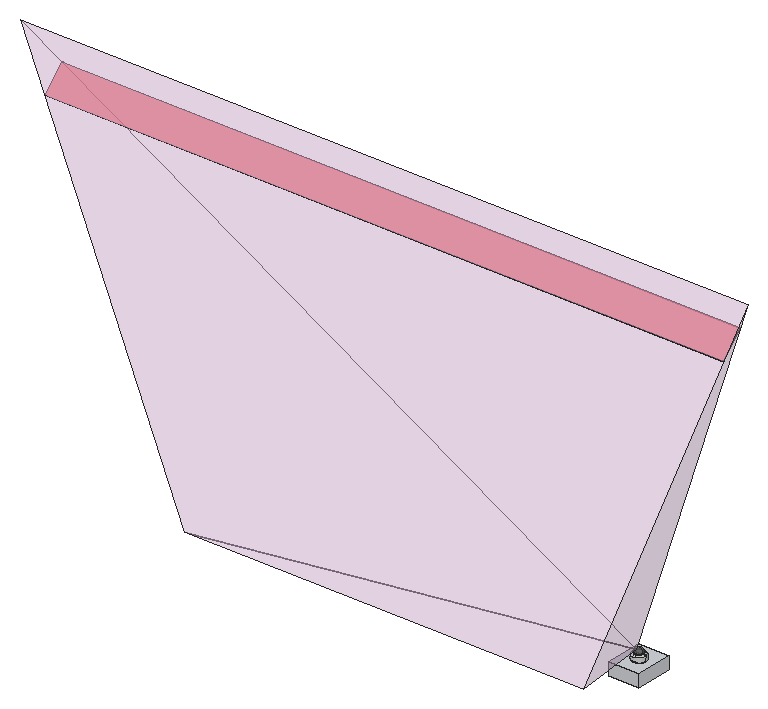
Revit family "Camera-Security-iPRO-2MP-Indoor-Dome-Network-Camera-WV-S2136LGA", category Security Devices, host Face, Revit 2020
Family settings
  Host = Face
  Maintain Annotation Orientation = No
  Round Connector Dimension = Use Diameter
  Part Type = Normal
  OmniClass Number = 23.85.10.14.11
  OmniClass Title = Cameras
  Cut with Voids When Loaded = No
  Shared = No
  Room Calculation Point = No
Parameters (values of type "WV-S2136LGA")
  z Zero = 0.000"  # constant formula
  z Yaw Actual [instance] = if(and(On Wall, not(On Ceiling)), Yaw Actual, Yaw Actual + 180.00°)  # 0.00°
  z VV Viewpoint Depth [instance] = (z VV Viewpoint Depth Max - z VV Viewpoint Depth Min) * z HFOV Ratio + z VV Viewpoint Depth Min  # 1.28346"
  z VV Viewpoint Depth Min = 1.28346"  # constant formula
  z VV Viewpoint Depth Max = 1.28346"  # constant formula
  z VV Origin Height Offset = 0.30315"  # constant formula
  z VV Origin Height [instance] = if(Has Ceiling Mount, 2.11811" + z VV Origin Height Offset - 2.00787", 2.11811" + z VV Origin Height Offset)  # 2.42126"
  z VV Face Radius = 4.62598"
  z Type = 2
  z Tilt Actual [instance] = Tilt Actual  # 45.00°
  z Pan Actual Safe [instance] = if(Pan Actual = -180.00°, 180.00°, Pan Actual)  # 0.00°
  z Pan Actual [instance] = Pan Actual  # 0.00°
  z Height [instance] = if(Has Ceiling Mount, 5.98425", 3.97638")  # 3.97638"
  z HFOV Ratio [instance] = (Horizontal FOV Actual - Horizontal FOV Min) / (Horizontal FOV Max - Horizontal FOV Min)  # 0.3038
  z Dome Radius [instance] = 1.5748"  # constant formula
  z Dome Height Offset [instance] = if(Has Ceiling Mount, 0.19685", z Base Height + 0.28346")  # 2.40157"
  z Const Yaw Handle Length = 9.25197"  # constant formula
  z Const Yaw Base2 Length = 17.32283"  # constant formula
  z Const Yaw Base Length = 10.23622"  # constant formula
  z Const Tilt Handle Length = 11.81102"  # constant formula
  z Const Tilt Base2 Length = 19.68504"  # constant formula
  z Const Tilt Base Length = 9.84252"  # constant formula
  z Const Pan Handle Length = 19.48819"  # constant formula
  z Camera Type = 21361
  z Base is Visible [instance] = not(Has Ceiling Mount)  # yes
  z Base Radius = (Diameter / 2)  # 2.54921"
  z Base Height = 2.11811"  # constant formula
  Yawing Range = "-100 to +100"  # constant formula
  Yaw Min = -100.00°  # constant formula
  Yaw Max = 100.00°  # constant formula
  Yaw Desired [instance] = 0.00°
  Yaw Actual [instance] = if(Yaw Desired > Yaw Max, Yaw Max, if(Yaw Desired < Yaw Min, Yaw Min, Yaw Desired))  # 0.00°
  Wide Dynamic Range = (1 = 1)  # yes
  Weight = 1.04 lbf  # constant formula
  Voltage [instance] = if(Power Supply Type is PoE, 48 V, 12 V)  # 48 V
  Vandal Resistant = (1 = 0)  # no
  VFOV Min 43 = 20.00°  # constant formula
  VFOV Min 169 = 20.00°  # constant formula
  Vertical FOV Min [instance] = if(and(Aspect Ratio 4_3, not(Aspect Ratio 16_9)), VFOV Min 43, VFOV Min 169)  # 20.00°
  VFOV Max 43 = 61.00°  # constant formula
  VFOV Max 169 = 61.00°  # constant formula
  Vertical FOV Max [instance] = if(and(Aspect Ratio 4_3, not(Aspect Ratio 16_9)), VFOV Max 43, VFOV Max 169)  # 61.00°
  Vertical FOV Actual [instance] = z HFOV Ratio * (Vertical FOV Max - Vertical FOV Min) + Vertical FOV Min  # 32.4557°
  URL = "https://i-pro.com/products_and_solutions/en/surveillance"
  Tilting Range = "-30 to +85"  # constant formula
  Tilt Min = -30.00°  # constant formula
  Tilt Max = 85.00°  # constant formula
  Tilt Actual [instance] = if(Tilt Desired > Tilt Max, Tilt Max, if(Tilt Desired < Tilt Min, Tilt Min, Tilt Desired))  # 45.00°
  Tilt Desired [instance] = 45.00°
  Storage Temperature = Operational Temperature  # "-10 °C to +50 °C (14 °F to 122 °F)"
  Show View Volume [instance] = yes
  4_3_2048x1536 [instance] = no
  4_3_1280x960 [instance] = no
  16_9_HD [instance] = no
  16_9_FHD [instance] = yes
  Regulatory Compliance = "UL (UL60950-1), c-UL (CSA C22.2 No.60950-1), CE, IEC60950-1, FCC (Part15 ClassA), ICES003 ClassA, EN55032 ClassB, EN55035"  # constant formula
  Provide Feedback = "https://i-pro.com/products_and_solutions/en/surveillance/contact-us"
  Product Page URL = "https://i-pro.com/products_and_solutions/en/surveillance/products/wv-s2136lga"
  Product Material = Paint -i-Pro White
  Product Documentation Link = "https://i-pro.com/products_and_solutions/en/surveillance/products/wv-s2136lga"
  Power Supply Type is PoE [instance] = yes
  Power Supply Type [instance] = if(Power Supply Type is PoE, "PoE", "DC")  # "PoE"
  Power Active [instance] = if(and(z Camera Type = 21361, Power Supply Type is PoE), 8.7 W, if(and(z Camera Type = 21361, not(Power Supply Type is PoE)), 8.6 W, if(and(z Camera Type = 21362, Power Supply Type is PoE), 8.7 W, if(and(z Camera Type = 21362, not(Power Supply Type is PoE)), 8.6 W, 0.0 W))))  # 8.7 W
  Part Number = Model  # "WV-S2136LGA"
  Part Description = Description  # "Security Camera, 2MP, Indoor, Dome, Network Camera, WV-S2136LGA"
  Panning Range = "-240 to +120"  # constant formula
  Pan Min = -240.00°  # constant formula
  Pan Max = 120.00°  # constant formula
  Pan Desired [instance] = 0.00°
  Pan Actual [instance] = if(Pan Desired > Pan Max, Pan Max, if(Pan Desired < Pan Min, Pan Min, Pan Desired))  # 0.00°
  PPM Desired [instance] = 300
  PPM Actual [instance] = if(PPM Desired > 1, PPM Desired, 1)  # 300
  Original Creation Date = "2023/02/01"  # constant formula
  Operational Temperature = "-10 °C to +50 °C (14 °F to 122 °F)"  # constant formula
  Operational Humidity = "10 to 90 % (no condensation)"  # constant formula
  On Wall [instance] = not(On Ceiling)  # yes
  On Ceiling [instance] = no
  Mounting Positions = "Surface Mount or Mount Dependent"  # constant formula
  Model Disclaimer = "Contact i-PRO for more information"  # constant formula
  Model = "WV-S2136LGA"
  Minimum Illumination = 0.018 lx  # constant formula
  Manufacturer = "i-PRO Co., Ltd."  # constant formula
  Indoor Or Outdoor = "Indoor"  # constant formula
  IP Or Analog = "IP"  # constant formula
  Horizontal Resolution [instance] = if(and(Aspect Ratio 4_3, not(Aspect Ratio 16_9)), Horizontal Resolution 43, Horizontal Resolution 169)  # 1920
  Horizontal Resolution 43 [instance] = if(and([4_3_2048x1536], not([4_3_1280x960])), 2048, if(and(not([4_3_2048x1536]), [4_3_1280x960]), 1280, 2048))  # 2048
  Horizontal Resolution 169 [instance] = if(and([16_9_FHD], not([16_9_HD])), 1920, if(and(not([16_9_FHD]), [16_9_HD]), 1280, 1920))  # 1920
  Height = 3.97638"  # constant formula
  Has Ceiling Mount [instance] = and(On Ceiling)  # no
  HFOV Min 43 = 28.00°  # constant formula
  HFOV Min 169 = 36.00°  # constant formula
  Horizontal FOV Min [instance] = if(and(Aspect Ratio 4_3, not(Aspect Ratio 16_9)), HFOV Min 43, HFOV Min 169)  # 36.00°
  HFOV Max 43 = 82.00°  # constant formula
  HFOV Max 169 = 115.00°  # constant formula
  Horizontal FOV Max [instance] = if(and(Aspect Ratio 4_3, not(Aspect Ratio 16_9)), HFOV Max 43, HFOV Max 169)  # 115.00°
  Horizontal FOV Actual [instance] = if(Horizontal FOV Desired > Horizontal FOV Max, Horizontal FOV Max, if(Horizontal FOV Desired < Horizontal FOV Min, Horizontal FOV Min, Horizontal FOV Desired))  # 60.00°
  Family Version = "1.0.0"  # constant formula
  Horizontal FOV Desired [instance] = 60.00°
  Equipment Number [instance] = ""
  Equipment Abbreviation = "SC"  # constant formula
  Dome Part Number [instance] = "WV-CF5SA"  # constant formula
  Distance to Screen [instance] = 393.70079"
  Distance to PPM Target [instance] = if(PPM Actual = 0, 0.000", 39.37008" * Horizontal Resolution / (PPM Actual * 2 * tan(Horizontal FOV Actual / 2)))  # 218.21113"
  Distance to Floor [instance] = 118.11024"
  Distance to Ceiling [instance] = 0.000"
  Diameter = 5.09843"  # constant formula
  Description = "Security Camera, 2MP, Indoor, Dome, Network Camera, WV-S2136LGA"
  Default Elevation = 0.000"
  Day Or Night = "Yes"  # constant formula
  Date Last Modified = "2023/06/14"  # constant formula
  Copyright = "© i-PRO Co., Ltd."  # constant formula
  Communication Ports = "10Base-T / 100Base-TX, RJ45 connector"  # constant formula
  Audio Out = "ø3.5 mm stereo mini jack (monaural output)"  # constant formula
  Audio In = "ø3.5 mm stereo mini jack"  # constant formula
  Angle Of View = "115"  # constant formula
  Alarm Input Or Output Specification = "ALARM IN 1 (Black & white input, Auto time adjustment input) (x1), ALARM IN 2 (ALARM OUT) (x1), ALARM IN 3 (AUX OUT) (x1)"  # constant formula
  Accessory Part Number [instance] = if(Has Ceiling Mount, "WV-QEM100-W", "Select a Mounting Option")  # "Select a Mounting Option"
  Aspect Ratio 4_3 [instance] = not(Aspect Ratio 16_9)  # no
  Aspect Ratio 16_9 [instance] = yes
Reference planes (in)
  plane 1 "Center (Front/Back)": y = 0
  plane 2: z = 0
  plane 3 "Center (Left/Right)": x = 0
  plane 4: z = 0
  plane 5: x = -2.54921
  plane 6: x = -1.5748
  plane 7: z = 2.40157
  plane 8: z = 1.65354
  plane 9: z = 3.97638
  plane 10 "BP": z = 2.42126
  plane 11: z = 2.15748
  plane 12: z = 0.07874
  plane 13: z = 0
  plane 14: z = 3.97638
  plane 15: x = -1.92749
  plane 16: x = -2.44094
Forms (in)
  Extrusion 1, solid
    sketch origin (0, 0, 0) x (1, 0, 0) y (0, 1, 0)
      loop
        line (-5.65138, 6.85016) -> (-5.65138, -7.02141) -> (5.68581, -7.02141) -> (5.68581, 6.85016) -> (-5.65138, 6.85016)
    from 0 to -4.63827
  Revolve 2, solid, material "Paint -i-Pro White" <- "Product Material", visible <- "z Base is Visible"
    sketch origin (0, 0, 0) x (1, 0, 0) y (0, 0, 1)
      loop
        line (0, 0) -> (0, 2.15748) -> (-1.92749, 2.15748) -> (-2.44094, 1.65354) -> (-2.54701, 0.16785) -> (-2.45791, 0.07874) -> (-2.30134, 0.07874) -> (-2.2226, 0) -> (0, 0)
      axis (0, 2.15748) -> (0, 0)
    angle from 0 to 360
  Revolve 3, solid, material "Glass - Panasonic - Smoked"
    sketch origin (0, 0, 0) x (1, 0, 0) y (0, 0, 1)
      loop
        arc (0, 3.97638) -> (-1.11355, 3.51513) -> (-1.5748, 2.40157) r 1.5748
        line (-1.5748, 2.40157) -> (-1.5748, 2.15748) -> (0, 2.15748) -> (0, 3.97638)
      axis (0, 3.97638) -> (0, 2.15748)
    angle from 0 to 360
  Extrusion 4, void
    sketch origin (-4.56493, -180, 2.15748) x (0, -1, 0) y (-1, 0, 0)
      loop
        line (-180.19685, -6.59539) -> (-180.19685, -6.83161)
        arc (-180.19685, -6.83161) -> (-180.17379, -6.88729) -> (-180.11811, -6.91035) r 0.07874
        line (-180.11811, -6.91035) -> (-179.88189, -6.91035)
        arc (-179.88189, -6.91035) -> (-179.82621, -6.88729) -> (-179.80315, -6.83161) r 0.07874
        line (-179.80315, -6.83161) -> (-179.80315, -6.59539)
        arc (-179.80315, -6.59539) -> (-179.82621, -6.53971) -> (-179.88189, -6.51665) r 0.07874
        line (-179.88189, -6.51665) -> (-180.11811, -6.51665)
        arc (-180.11811, -6.51665) -> (-180.17379, -6.53971) -> (-180.19685, -6.59539) r 0.07874
      loop
        arc (-180.19685, -2.53448) -> (-180.17379, -2.59015) -> (-180.11811, -2.61322) r 0.07874
        line (-180.11811, -2.61322) -> (-179.88189, -2.61322)
        arc (-179.88189, -2.61322) -> (-179.82621, -2.59015) -> (-179.80315, -2.53448) r 0.07874
        line (-179.80315, -2.53448) -> (-179.80315, -2.29826)
        arc (-179.80315, -2.29826) -> (-179.82621, -2.24258) -> (-179.88189, -2.21952) r 0.07874
        line (-179.88189, -2.21952) -> (-180.11811, -2.21952)
        arc (-180.11811, -2.21952) -> (-180.17379, -2.24258) -> (-180.19685, -2.29826) r 0.07874
        line (-180.19685, -2.29826) -> (-180.19685, -2.53448)
    from 0 to 0.7874
Cuts and joins
  Extrusion 4 cuts Revolve 2
Lines and regions (in)
  reference lines
    curve 1: line (0, 0, 2.42154) -> (0, -9.84252, 2.42154)
    curve 2: line (0, 0, 2.42126) -> (8.07327, -8.07327, 2.42126)
Dimensions and locks (in)
  "z Base Radius": plane 3 "Center (Left/Right)" to plane 5
  locked: plane 7 to plane 8 at 0.74803
  "z Dome Radius": plane 3 "Center (Left/Right)" to plane 6
  plane 12 to level = 0.07874"
  Revolve 2 sketch curve to Revolve 2 sketch curve = 0.07874"
  "Height": plane 14 to plane 13
  plane 14 to plane 7 = 1.5748"
  locked: plane 14 to plane 11 at 1.8189
  locked: plane 14 to plane 8 at 2.32283
  locked: plane 3 "Center (Left/Right)" to plane 15 at 1.92749
  locked: plane 3 "Center (Left/Right)" to plane 16 at 2.44094
  "z Height": plane 9 to plane 13
  "z VV Origin Height": plane 10 "BP" to level
  radius of Revolve 3 sketch curve = 1.5748"
  angle curve 1 to plane 1 "Center (Front/Back)" = 90.00°
  "z Pan Actual Safe": angle plane 3 "Center (Left/Right)" to curve 1
  "z Tilt Actual": angle curve 2 to plane 1 "Center (Front/Back)"
  aligned and locked: plane 2 to Extrusion 1
  aligned and locked: level to Extrusion 1
  aligned and locked: Revolve 2 sketch curve to plane 3 "Center (Left/Right)"
  aligned and locked: plane 1 "Center (Front/Back)" to curve 1
  aligned and locked: plane 3 "Center (Left/Right)" to curve 1
  aligned and locked: plane 3 "Center (Left/Right)" to nested 1
  aligned and locked: plane 3 "Center (Left/Right)" to curve 2
  aligned and locked: plane 1 "Center (Front/Back)" to curve 2
  aligned and locked: Revolve 2 sketch curve to plane 11
  aligned and locked: plane 13 to Revolve 2 sketch curve
  aligned and locked: plane 15 to Revolve 2 sketch curve
  aligned and locked: plane 8 to Revolve 2 sketch curve
  aligned and locked: plane 10 "BP" to nested 2
  aligned and locked: nested 2 to plane 3 "Center (Left/Right)"
  aligned and locked: nested 2 to plane 1 "Center (Front/Back)"
Automatic sketch dimensions
  Extrusion 1 sketch curve to Extrusion 1 sketch curve = 11.33719"
  Extrusion 1 sketch curve to Extrusion 1 sketch curve = 13.87157"
  Revolve 3 sketch curve to plane 3 "Center (Left/Right)" = 0.000"  (x2)
  Revolve 3 sketch curve to plane 11 = 0.000"
  Revolve 3 sketch curve to plane 7 = 0.000"
  Revolve 3 sketch curve to Revolve 3 sketch curve = 0.82961"
  Revolve 3 sketch curve to Revolve 3 sketch curve = 0.250"
  Revolve 2 sketch curve to plane 16 = 0.000"
  Revolve 2 sketch curve to plane 3 "Center (Left/Right)" = 0.000"
  Revolve 2 sketch curve to plane 16 = 0.01696"
  Revolve 2 sketch curve to plane 5 = 0.0022"
  plane 16 to Revolve 2 sketch curve = 0.13961"
  Revolve 2 sketch curve to Revolve 2 sketch curve = 0.07874"
  Revolve 2 sketch curve to Revolve 2 sketch curve = 0.08911"
  plane 8 to Revolve 2 sketch curve = 0.11875"
  Revolve 2 sketch curve to plane 10 "BP" = 0.23031"
  Extrusion 4 sketch curve to plane 1 "Center (Front/Back)" = 0.19685"  (x2)
  Extrusion 4 sketch curve to Extrusion 4 sketch curve = 0.07874"  (x6)
  Extrusion 4 sketch curve to plane 15 = 0.02423"
  plane 1 "Center (Front/Back)" to Extrusion 4 sketch curve = 0.11811"  (x4)
  plane 16 to Extrusion 4 sketch curve = 0.17427"
  plane 3 "Center (Left/Right)" to Extrusion 4 sketch curve = 1.95172"
  Extrusion 4 sketch curve to Extrusion 4 sketch curve = 0.23622"
Nested families (in)
  nested 1: "Ceiling-Bracket-WV-QEM100-W" at (0, 0, 0), Product Material <- "Product Material", Has Ceiling Mount <- "Has Ceiling Mount", type "Ceiling-Bracket-WV-QEM100-W"
    with z Bracket Radius 3.66142", Product Material Paint -i-Pro White, Has Ceiling Mount no, Dome Radius 3.77953"
  nested 2: "Camera-Security-ViewVolumePTYZ" at (0, 0, 2.42126), Viewpoint Depth <- "z VV Viewpoint Depth", Base Height Offset <- "z VV Origin Height", Pan <- "z Pan Actual", Tilt <- "z Tilt Actual", Yaw <- "z Yaw Actual", HFOV <- "Horizontal FOV Actual", VFOV <- "Vertical FOV Actual", On Wall <- "On Wall", On Ceiling <- "On Ceiling", Screen Depth <- "Distance to Screen", Floor Distance <- "Distance to Floor", Ceiling Distance <- "Distance to Ceiling", Target Depth <- "Distance to PPM Target", visible <- "Show View Volume", type "Camera-Security-ViewVolumePTYZ"
    with z Yaw Actual 0.00°, z Void Width 1249.41753", z Void Thickness 397.40551", z Void Height Start -624.70877", z Void Height End 624.70877", z Void Direction 1, z Void Angle 90.00°, z Viewpoint Depth 1.28346", z Tilt Actual 45.00°, z Target Width 251.9685", z Target Visible yes, z Target Height 127.02244", z Target Depth 219.49459", z Screen Width 454.60651", z Screen Height 229.17638", z Screen Depth 394.98425", z Pan Actual 0.00°, z Floor Distance 118.11024", z Ceiling Distance 0.000", Yaw 0.00°, Viewpoint Origin Horizontal Offset 0.000", Viewpoint Depth 1.28346", VFOV 32.4557°, Tilt 45.00°, Target Depth 218.21113", Screen Depth 393.70079", Pan 0.00°, On Wall yes, On Floor no, On Default Mount Type 0, On Ceiling no, HFOV 60.00°, Floor Distance 118.11024", Ceiling Distance 0.000", Base Height Offset 2.42126", Base Angle Offset 0.00°
Connectors (in)
  electrical at (0, 0, 0), driven by "Power Active", driven by "Voltage"
    settings: on Revolve 2, index 1, voltage 48 V, apparent load 8.7 W, apparent load phase1 0.0 W, apparent load phase2 0.0 W, apparent load phase3 0.0 W, power factor 1, load classification "Other", number of poles 1, system type 30, power factor state 1, is connector primary yes, connector utility no, sub classification motor no, connector description "Electrical Connection"
  electrical at (0, 0, 0)
    settings: on Revolve 2, index 2, voltage 0 V, apparent load 0.0 W, apparent load phase1 0.0 W, apparent load phase2 0.0 W, apparent load phase3 0.0 W, power factor 1, load classification "Other", number of poles 1, system type 5, power factor state 1, is connector primary no, connector utility no, sub classification motor no, connector description "Data Connection"
Definition of nested family "Camera-Security-ViewVolumePTYZ"
  Parameters (values of type "Camera-Security-ViewVolumePTYZ")
    z Yaw Actual [instance] = if(Yaw < 0.00°, 360.00° - (abs(Yaw) - rounddown(abs(Yaw) / 360.00°) * 360.00°), Yaw - rounddown(Yaw / 360.00°) * 360.00°)  # 0.00°
    z Void Width [instance] = if(z Screen Width > z Screen Height, z Screen Width, z Screen Height) + abs(Viewpoint Origin Horizontal Offset) + z Void Thickness * 2  # 1265.63013"
    z Void Thickness [instance] = z Screen Depth + abs(Base Height Offset)  # 405.51181"
    z Void Height Start [instance] = -z Void Width / 2  # -632.81507"
    z Void Height End [instance] = z Void Width / 2  # 632.81507"
    z Void Direction [instance] = if((if(On Wall, 1, 0) + if(On Floor, 1, 0) + if(On Ceiling, 1, 0)) = 1, if(On Ceiling, 0, if(On Wall, 1, 2)), On Default Mount Type)  # 0
    z Viewpoint Depth [instance] = if(Viewpoint Depth < 0.03937", 0.03937", Viewpoint Depth)  # 5.90551"
    z Tilt Actual [instance] = if(Tilt < 0.00°, 360.00° - (abs(Tilt) - rounddown(abs(Tilt) / 360.00°) * 360.00°), Tilt - rounddown(Tilt / 360.00°) * 360.00°)  # 45.00°
    z Target Visible [instance] = not(Screen Depth < Target Depth)  # yes
    z Target Thickness Start = -z Target Thickness / 2  # -0.03937"
    z Target Thickness End = z Target Thickness / 2  # 0.03937"
    z Target Depth [instance] = Target Depth + Viewpoint Depth  # 84.64567"
    z Pan Actual [instance] = if(Pan < 0.00°, 360.00° - (abs(Pan) - rounddown(abs(Pan) / 360.00°) * 360.00°), Pan - rounddown(Pan / 360.00°) * 360.00°)  # 0.00°
    z Floor Distance [instance] = if(z Void Direction = 2, if(Floor Distance < 0.000", 0.000", Floor Distance), if(Floor Distance < 0.3937", 0.3937", Floor Distance))  # 118.11024"
    z Const Yaw Base2 Length = 17.32283"  # constant formula
    z Const Tilt Base2 Length = 19.68504"  # constant formula
    z Ceiling Distance [instance] = if(z Void Direction = 2, if(Ceiling Distance < 0.3937", 0.3937", Ceiling Distance), if(Ceiling Distance < 0.000", 0.000", Ceiling Distance))  # 0.000"
    z Const Void Handle Length = 23.62205"  # constant formula
    z Void Angle [instance] = if(z Void Direction = 0, 0.00° + Base Angle Offset, if(z Void Direction = 1, 90.00° + Base Angle Offset, 180.00° + Base Angle Offset))  # 0.00°
    z Screen Depth [instance] = if(Screen Depth < 3.93701", 3.93701" + Viewpoint Depth, Screen Depth + Viewpoint Depth)  # 399.6063"
    Original Creation Date = "2023/02/01"  # constant formula
    On Default Mount Type [instance] = 0
    Manufacturer = "i-PRO Co., Ltd."  # constant formula
    Family Version = "1.0.0"  # constant formula
    Default Elevation = 48.000"
    Date Last Modified = "2023/06/02"  # constant formula
    Copyright = "© i-PRO Co., Ltd."  # constant formula
    Base Height Offset [instance] = 5.90551"
    Base Angle Offset [instance] = 0.00°
    z Viewpoint Width = 0.03937"  # constant formula
    z Viewpoint Height = 0.03937"  # constant formula
    VFOV [instance] = 33.75°
    z Target Width [instance] = Target Depth * tan(HFOV / 2) * 2  # 90.9213"
    z Target Thickness = 0.07874"  # constant formula
    z Target Height [instance] = Target Depth * tan(VFOV / 2) * 2  # 47.77113"
    Target Depth [instance] = 78.74016"
    z Screen Width [instance] = (z Screen Depth - Viewpoint Depth) * tan(HFOV / 2) * 2  # 454.60651"
    z Screen Height [instance] = (z Screen Depth - Viewpoint Depth) * tan(VFOV / 2) * 2  # 238.85566"
    Screen Depth [instance] = 393.70079"
    z Const Yaw Handle Length = 9.25197"  # constant formula
    z Const Yaw Base Length = 10.23622"  # constant formula
    Viewpoint Depth [instance] = 5.90551"
    Viewpoint Origin Horizontal Offset [instance] = 0.000"
    z Const Tilt Handle Length = 14.17323"  # constant formula
    z Const Tilt Base Length = 9.84252"  # constant formula
    z Const Pan Handle Length = 19.68504"  # constant formula
    z Const Pan Axis Length = 15.74803"  # constant formula
    On Wall [instance] = no
    On Floor [instance] = no
    On Ceiling [instance] = yes
    HFOV [instance] = 60.00°
    Yaw [instance] = 0.00°
    Tilt [instance] = 45.00°
    Pan [instance] = 0.00°
    Floor Distance [instance] = 118.11024"
    Ceiling Distance [instance] = 0.000"
  Reference planes (in)
    plane 1 "Center (Front/Back)": y = 0
    plane 2: z = 0
    plane 3 "Center (Left/Right)": x = 0
    plane 4 "VoidOffsetBase": z = -5.90551
  Forms (in)
    Extrusion 1, void
      sketch origin (0, 0, -5.90551) x (0, 0, 1) y (0, -1, 0)
        loop
          line (523.62205, 632.81507) -> (118.11024, 632.81507) -> (118.11024, -632.81507) -> (523.62205, -632.81507) -> (523.62205, 632.81507)
        loop
          line (0, 632.81507) -> (-405.51181, 632.81507) -> (-405.51181, -632.81507) -> (0, -632.81507) -> (0, 632.81507)
      from -632.81507 <- "z Void Height Start" to 632.81507 <- "z Void Height End"
    Blend 2, solid
      base sketch origin (0, -4.17583, 4.17583) x (0, 0.707107, 0.707107) y (-1, 0, 0)
        loop
          line (-0.01969, -0.01969) -> (0.01969, -0.01969) -> (0.01969, 0.01969) -> (-0.01969, 0.01969) -> (-0.01969, -0.01969)
      top sketch origin (0, -282.56432, 282.56432) x (0, 0.707107, 0.707107) y (-1, 0, 0)
        loop
          line (-119.42783, -227.30326) -> (119.42783, -227.30326) -> (119.42783, 227.30326) -> (-119.42783, 227.30326) -> (-119.42783, -227.30326)
      from 0 to 0
    Extrusion 3, solid, visible <- "z Target Visible"
      sketch origin (0, -59.85353, 59.85353) x (0, 0.707107, 0.707107) y (-1, 0, 0)
        loop
          line (-23.88557, -45.46065) -> (23.88557, -45.46065) -> (23.88557, 45.46065) -> (-23.88557, 45.46065) -> (-23.88557, -45.46065)
      from -0.03937 <- "z Target Thickness Start" to 0.03937 <- "z Target Thickness End"
  Cuts and joins
    Extrusion 1 cuts Blend 2
    Extrusion 1 cuts Extrusion 3
  Lines and regions (in)
    reference lines
      curve 1: line (0, 0, 0) -> (19.68504, 0, 0)
      curve 2: line (0, 0, -15.74803) -> (0, 0, 0)
      curve 3: line (0, 0, 0) -> (0, -9.84252, 0)
      curve 4: line (0, 0, 0) -> (0, 0, 19.68504)
      curve 5: line (0, -10.02199, 10.02199) -> (0, 0, 0)
      curve 6: line (0, 0, 0) -> (0, 7.2381, 7.2381)
      curve 7: line (0, 0, 0) -> (-17.32283, 0, 0)
      curve 8: line (0, 0, 0) -> (-9.25197, 0, 0)
      curve 9: line (0, -4.17583, 4.17583) -> (0, 0, 0)
      curve 10: line (0, 0, 0) -> (0, -59.85353, 59.85353)
      curve 11: line (0, 0, 0) -> (0, -282.56432, 282.56432)
      curve 12: line (-0.01969, -4.16191, 4.18975) -> (0.01969, -4.16191, 4.18975)
      curve 13: line (-0.01969, -4.18975, 4.16191) -> (0.01969, -4.18975, 4.16191)
      curve 14: line (-0.01969, -4.16191, 4.18975) -> (-0.01969, -4.18975, 4.16191)
      curve 15: line (0.01969, -4.16191, 4.18975) -> (0.01969, -4.18975, 4.16191)
      curve 16: line (-45.46065, -42.96388, 76.74317) -> (45.46065, -42.96388, 76.74317)
      curve 17: line (-45.46065, -76.74317, 42.96388) -> (45.46065, -76.74317, 42.96388)
      curve 18: line (-45.46065, -42.96388, 76.74317) -> (-45.46065, -76.74317, 42.96388)
      curve 19: line (45.46065, -42.96388, 76.74317) -> (45.46065, -76.74317, 42.96388)
      curve 20: line (-227.30326, -198.1161, 367.01255) -> (-227.30326, -367.01255, 198.1161)
      curve 21: line (227.30326, -198.1161, 367.01255) -> (227.30326, -367.01255, 198.1161)
      curve 22: line (-227.30326, -198.1161, 367.01255) -> (227.30326, -198.1161, 367.01255)
      curve 23: line (-227.30326, -367.01255, 198.1161) -> (227.30326, -367.01255, 198.1161)
      curve 24: line (0, 0, -5.90551) -> (0, 0, 17.71654)
      curve 25: line (0, -632.81507, 517.71654) -> (0, 632.81507, 517.71654)
      curve 26: line (0, -632.81507, 112.20472) -> (0, -632.81507, 517.71654)
      curve 27: line (0, 632.81507, 112.20472) -> (0, -632.81507, 112.20472)
      curve 28: line (0, 632.81507, 517.71654) -> (0, 632.81507, 112.20472)
      curve 29: line (0, -632.81507, -5.90551) -> (0, 632.81507, -5.90551)
      curve 30: line (0, -632.81507, -411.41732) -> (0, -632.81507, -5.90551)
      curve 31: line (0, 632.81507, -411.41732) -> (0, -632.81507, -411.41732)
      curve 32: line (0, 632.81507, -5.90551) -> (0, 632.81507, -411.41732)
  Dimensions and locks (in)
    "z Const Pan Handle Length": curve 1 to curve 1
    "z Const Pan Axis Length": curve 2 to curve 2
    "z Const Tilt Base Length": curve 3 to curve 3
    "z Const Pan Axis Length": curve 1 to curve 2
    "Viewpoint Origin Horizontal Offset": curve 4 to curve 2
    "z Const Tilt Base2 Length": curve 4 to curve 4
    "z Const Tilt Handle Length": curve 5 to curve 5
    "z Const Yaw Base Length": curve 6 to curve 6
    "z Const Yaw Base2 Length": curve 7 to curve 7
    "z Const Yaw Handle Length": curve 8 to curve 8
    "z Viewpoint Depth": curve 9 to curve 9
    "z Target Depth": curve 10 to curve 10
    "z Screen Depth": curve 11 to curve 11
    equal spacing: curve 13, curve 9, curve 12
    "z Viewpoint Height": curve 13 to curve 12
    equal spacing: curve 14, curve 9, curve 15
    "z Viewpoint Width": curve 14 to curve 15
    equal spacing: curve 17, curve 10, curve 16
    "z Target Height": curve 17 to curve 16
    equal spacing: curve 18, curve 10, curve 19
    "z Target Width": curve 18 to curve 19
    equal spacing: curve 20, curve 11, curve 21
    "z Screen Width": curve 20 to curve 21
    equal spacing: curve 23, curve 11, curve 22
    "z Screen Height": curve 23 to curve 22
    "z Const Void Handle Length": curve 24 to curve 24
    equal spacing: curve 26, curve 24, curve 28
    "z Void Width": curve 26 to curve 28
    "z Floor Distance": curve 27 to curve 24
    "z Ceiling Distance": curve 29 to curve 24
    "z Void Thickness": curve 31 to curve 29
    "z Void Thickness": curve 25 to curve 27
    "Base Height Offset": level to plane 4 "VoidOffsetBase"
    locked: curve 3 to curve 2 (angle 90.00°)
    locked: curve 3 to curve 4 (angle 90.00°)
    "z Tilt Actual": angle curve 4 to curve 5
    locked: curve 6 to curve 7 (angle 90.00°)
    locked: curve 6 to curve 5 (angle 90.00°)
    locked: curve 9 to curve 5 (angle 0.00°)
    locked: curve 10 to curve 5 (angle 0.00°)
    locked: curve 11 to curve 5 (angle 0.00°)
    "z Void Angle": angle plane 1 "Center (Front/Back)" to curve 24
    "z Yaw Actual": angle curve 7 to curve 8
    "z Pan Actual": angle plane 1 "Center (Front/Back)" to curve 1
    aligned and locked: level to plane 2
    aligned and locked: curve 2 to curve 1
    aligned and locked: curve 2 to curve 3
    aligned and locked: curve 3 to curve 2
    aligned and locked: curve 3 to curve 5
    aligned and locked: curve 6 to curve 7
    aligned and locked: curve 6 to curve 8
    aligned and locked: curve 8 to curve 7
    aligned and locked: curve 7 to curve 6
    aligned and locked: curve 5 to curve 11
    aligned and locked: curve 11 to curve 8
    aligned and locked: curve 12 to curve 15
    aligned and locked: curve 15 to curve 15
    aligned and locked: curve 14 to curve 14
    aligned and locked: curve 13 to curve 15
    aligned and locked: curve 16 to curve 19
    aligned and locked: curve 18 to curve 18
    aligned and locked: curve 17 to curve 19
    aligned and locked: curve 22 to curve 22
    aligned and locked: curve 21 to curve 23
    aligned and locked: curve 20 to curve 23
    aligned and locked: curve 23 to curve 23
    aligned and locked: plane 1 "Center (Front/Back)" to curve 24
    aligned and locked: curve 30 to curve 26
    aligned and locked: curve 28 to curve 32
    aligned and locked: Extrusion 1 sketch curve to curve 25
    aligned and locked: Extrusion 1 sketch curve to curve 26
    aligned and locked: Extrusion 1 sketch curve to curve 27
    aligned and locked: Extrusion 1 sketch curve to curve 28
    aligned and locked: Extrusion 1 sketch curve to curve 29
    aligned and locked: Extrusion 1 sketch curve to curve 30
    aligned and locked: Extrusion 1 sketch curve to curve 31
    aligned and locked: Extrusion 1 sketch curve to curve 32
    aligned and locked: Extrusion 1 sketch curve to Extrusion 1 sketch curve  (x8)
    aligned and locked: Blend 2 sketch curve to curve 15
    aligned and locked: Blend 2 sketch curve to curve 13
    aligned and locked: Blend 2 sketch curve to curve 14
    aligned and locked: Blend 2 sketch curve to curve 12
    aligned and locked: Blend 2 sketch curve to Blend 2 sketch curve  (x8)
    aligned and locked: Blend 2 sketch curve to curve 21
    aligned and locked: Blend 2 sketch curve to curve 23
    aligned and locked: Blend 2 sketch curve to curve 20
    aligned and locked: Blend 2 sketch curve to curve 22
    aligned and locked: Extrusion 3 sketch curve to curve 19
    aligned and locked: Extrusion 3 sketch curve to curve 17
    aligned and locked: Extrusion 3 sketch curve to curve 18
    aligned and locked: Extrusion 3 sketch curve to curve 16
    aligned and locked: Extrusion 3 sketch curve to Extrusion 3 sketch curve  (x4)
    aligned and locked: plane 3 "Center (Left/Right)" to curve 1
    aligned and locked: plane 1 "Center (Front/Back)" to curve 1
    aligned and locked: level to curve 2
    aligned and locked: plane 4 "VoidOffsetBase" to curve 24
  Automatic sketch dimensions
    curve 6 to curve 5 = 0.000"
    curve 6 to curve 5 = 10.23622"
Definition of nested family "Ceiling-Bracket-WV-QEM100-W"
  Parameters (values of type "Ceiling-Bracket-WV-QEM100-W")
    z Bracket Radius [instance] = 3.66142"  # constant formula
    URL = "https://i-pro.com/products_and_solutions/en/surveillance/products/wv-qem100-"
    Product Material [instance] = none
    Part Number = Model  # "WV-QEM100-W"
    Model = "WV-QEM100-W"
    Manufacturer = "i-PRO Co., Ltd."
    Keynote = ""
    Has Ceiling Mount [instance] = yes
    Dome Radius [instance] = 1.77165"
    Description = "Embedded Ceiling Mount Bracket (i-PRO white)"
    Default Elevation = 0.000"
    Assembly Code = ""
  Reference planes (in)
    plane 1 "Center (Front/Back)": y = 0
    plane 2: z = 0
    plane 3 "Center (Left/Right)": x = 0
    plane 4: z = 0.295
    plane 5: z = 0.12598
    plane 6: x = -3.66142
    plane 7: z = 0
    plane 8: x = -1.5748
    plane 9: z = 0.29528
  Forms (in)
    Extrusion 1, solid
      sketch origin (0, 0, 0) x (1, 0, 0) y (0, 1, 0)
        loop
          line (-48, 48) -> (-48, -48) -> (48, -48) -> (48, 48) -> (-48, 48)
      from 0 to -12
    Revolve 2, solid, visible <- "Has Ceiling Mount"
      sketch origin (0, 0, 0) x (1, 0, 0) y (0, 0, 1)
        loop
          line (-3.66142, 0.12598) -> (-3.66142, 0) -> (-1.5748, 0) -> (-1.5748, 0.295) -> (-3.66142, 0.12598)
        axis (0, 0.295) -> (0, 0)
      angle from 0 to 360
  Lines and regions (in)
    Masking region 1
      outline origin (0, 0, 0) x (1, 0, 0) y (0, 1, 0)
        loop
          circle (0, 0) r 3.66142
  Dimensions and locks (in)
    locked: plane 5 to plane 7 at 0.12598
    locked: plane 6 to plane 8 at 2.08661
    locked: plane 9 to level at 0.29528
    locked: plane 3 "Center (Left/Right)" to plane 6 at 3.66142
    "z Bracket Radius": radius of Masking region 1 sketch curve
    aligned and locked: plane 2 to Extrusion 1
    aligned and locked: level to Extrusion 1
    aligned and locked: Revolve 2 sketch curve to level
    aligned and locked: plane 6 to Revolve 2 sketch curve
  Automatic sketch dimensions
    Extrusion 1 sketch curve to Extrusion 1 sketch curve = 96.000"  (x2)
    plane 1 "Center (Front/Back)" to Masking region 1 sketch curve = 0.000"
    Masking region 1 sketch curve to plane 3 "Center (Left/Right)" = 0.000"
    Revolve 2 sketch curve to plane 4 = 0.000"
    Revolve 2 sketch curve to plane 8 = 0.000"
    Revolve 2 sketch curve to plane 3 "Center (Left/Right)" = 0.000"
    Revolve 2 sketch curve to plane 5 = 0.000"
    Revolve 2 sketch curve to level = 0.25803"
    plane 9 to Revolve 2 sketch curve = 0.4011"
